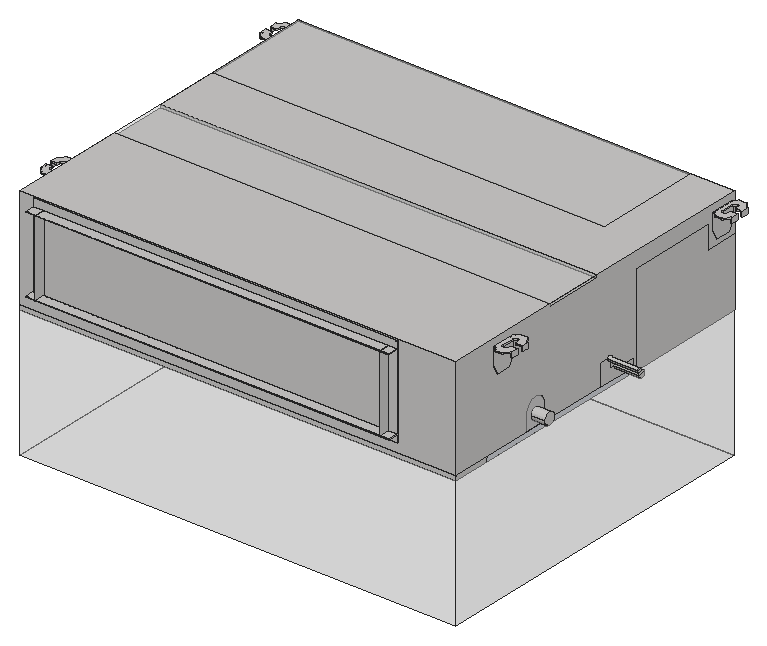
Revit family "outputfile", category 機械設備, Revit 2024
Family settings
  丸型コネクタ寸法 = 半径を使用
  パーツ タイプ = 標準
  OmniClass 番号 = 23.75.10.24.21.27.27
  OmniClass タイトル = Split System Air Conditioning Units
  作業面ベース = いいえ
  常に垂直 = はい
  ロード時にボイドで切り取り = いいえ
  注釈の向きを維持 = いいえ
  共有 = いいえ
  部屋計算ポイント = はい
Parameters (values of type "FXDBQ80AVMS")
  Description = ""
  書き出し IFC クラス(タイプ) = "IfcUnitaryEquipmentType"
  定義済み IFC タイプ(タイプ) = "AIRCONDITIONINGUNIT"
  Cost = 0
  Type Comments = ""
  Keynote = ""
  Type Image = (empty or 0)
  Assembly Code = ""
  lh_liquidpipe = [h***] + 60.0 mm  # 60.0 mm
  lh_RA [instance] = if(Rear Connection_Return Air, 125.25 mm + [h***], 245.0 mm + [h***])  # 125.25 mm
  ld_RA_length [instance] = if(Rear Connection_Return Air, 245.0 mm, 126.0 mm)  # 245.0 mm
  l_liquidpipe_length [instance] = 571.0 mm
  l_gaspipe_length [instance] = 558.0 mm
  l_drainpipe_length [instance] = 533.0 mm
  angle_vertica [instance] = 90.00°
  angle horizontal [instance] = if(Right Connection_refrigerant, 180.00°, 0.00°)  # 180.00°
  URL = ""
  Right Connection_refrigerant [instance] = yes
  製造元 = "Daikin"
  モデル = "FXDBQ80AVMS"
  w_pipe = 33.0 mm
  r_Liquid Pipe Size = Liquid Pipe Size / 2  # 4.75 mm
  r_Gas Pipe Size = Gas Pipe Size / 2  # 7.95 mm
  r_Drain Pipe Size = Drain Pipe Size / 2  # 12.5 mm
  lw_powersupply = 454.0 mm
  lw_ductflange2 = 902.0 mm
  lw_Width = 835.0 mm
  lh_suctionflange [instance] = 125.25 mm
  ld_suctionflange [instance] = if(Rear Connection_Return Air, 190.0 mm, 100.0 mm)  # 190.0 mm
  ld_powersupply = 60.0 mm
  angle_vertical_RA [instance] = if(Rear Connection_Return Air, 90.00°, 0.00°)  # 90.00°
  angle horizontal_RA [instance] = if(Rear Connection_Return Air, 180.00°, 270.00°)  # 180.00°
  Voltage_comment_50Hz = "220-240"
  Voltage_50Hz = 230 V
  Supply Air Direction [instance] = yes
  Sound Power Level_H speed (dB) = 0
  Rear Connection_Return Air [instance] = not(Bottom Connection_Return Air)  # yes
  RA_length [instance] = 245.0 mm  # constant formula
  Phase_50Hz = 1
  Minimum External Static Pressure = 15.00 Pa
  Minimum Circuit Amps_50Hz = 1.8 A
  Maximum Fuse Amps_50Hz = 16.0 A
  Maximum External Static Pressure = 50.00 Pa
  Material_Casing = DAIKIN_GalvanizedSteel_Casing_indoorunit
  lw_liquidpipe = 71.0 mm  # constant formula
  lw_gaspipe = 58.0 mm  # constant formula
  lw_mountinghole_pitch = 1038.0 mm
  lw_mountinghole = 20.0 mm  # constant formula
  lw_drainpipe = 33.0 mm  # constant formula
  lh_powersupply = 10.0 mm
  lh_gaspipe = [h***] + 38.0 mm  # 38.0 mm
  lh_mountinghole = Height - 15.0 mm + [h***]  # 230.0 mm
  lh_drainpipe = 150.0 mm
  lh_antena = 16.0 mm  # constant formula
  ld_liquidpipe = 193.0 mm  # constant formula
  ld_gaspipe = 130.0 mm  # constant formula
  ld_mountinghole_pitch = 630.0 mm  # constant formula
  ld_drainpipe = 280.0 mm
  ld_controlbox = 626.0 mm  # constant formula
  h*** = 0.0 mm  # constant formula
  d_dischargeflange = 25.0 mm  # constant formula
  Width = 1000.0 mm
  Version = "ver.1.0"
  Unit Type = "Bedroom Duct Type"
  Unit Mass Weight = 36.00 kg
  Unit Designation [instance] = ""
  Uniclass2015Version = "Products v1.30"
  Uniclass2015Title = "Variable refrigerant flow units"
  Uniclass2015Code = "Pr_70_65_03_94"
  Total Heating Capacity [instance] = 0.000 kW
  Total Cooling Capacity [instance] = 0.000 kW
  Sound Pressure Level_M speed (dBA) = 0
  Sound Pressure Level_L speed (dBA) = 30
  Sound Pressure Level_H speed (dBA) = 37
  Series = "VRV Fan Coil Unit"
  Sensible Cooling Capacity [instance] = 0.000 kW
  SA Duct Size Width = 790.0 mm
  SA Duct Size Height = 174.0 mm
  Refrigerant Type = "R410A"
  RA Duct Size Width = 862.0 mm
  RA Duct Size Height [instance] = if(Rear Connection_Return Air, 202.6 mm, 204.0 mm)  # 202.6 mm
  Power Input (Heating) = 0.120 kW
  Power Input (Cooling) = 0.120 kW
  Option Accessory 3 [instance] = ""
  Option Accessory 2 [instance] = ""
  Option Accessory 1 [instance] = ""
  Nominal Heating Capacity = 10.000 kW
  Nominal Cooling Capacity = 9.000 kW
  Minimum Airflow = 960.00 m³/h
  Median Airflow = 1200.00 m³/h
  Maximum Airflow = 1500.00 m³/h
  Load Classification = HVAC
  Liquid Pipe Size = 9.5 mm
  Link_Nested Family [instance] = ""
  Left Connection_refrigerant [instance] = no
  IfcVersion = "0"
  IfcExportType = "AIRCONDITIONINGUNIT"
  IfcExportAs = "IfcUnitaryEquipmentType"
  Height = 245.0 mm
  Heating Entering Wet Bulb Temperature [instance] = 0.00 °C
  Heating Entering Dry Bulb Temperature [instance] = 0.00 °C
  Heating Ambient Wet Bulb Temperature [instance] = 0.00 °C
  Heating Ambient Dry Bulb Temperature [instance] = 0.00 °C
  Heat Exchanger Type = "Cross Fin Coil"
  Gas Pipe Size = 15.9 mm
  Frequency_50Hz = 50 Hz
  Fan Type = "Sirocco Fan"
  Fan Drive = "Direct Drive"
  FCU Tag No. [instance] = ""
  Drain Pipe Size = 25.0 mm
  Design Supply Airflow [instance] = 0.00 m³/h
  Design Return Airflow [instance] = 0.00 m³/h
  Design External Static Pressure [instance] = 0.00 Pa
  Depth = 800.0 mm
  既定の高さ = 0.0 mm
  Cooling Entering Wet Bulb Temperature [instance] = 0.00 °C
  Cooling Entering Dry Bulb Temperature [instance] = 0.00 °C
  Cooling Ambient Wet Bulb Temperature [instance] = 0.00 °C
  Cooling Ambient Dry Bulb Temperature [instance] = 0.00 °C
  Clearance visibility [instance] = yes
  Clearance Top = 0.0 mm
  Clearance Right = 0.0 mm
  Clearance Rear = 0.0 mm
  Clearance Left = 0.0 mm
  Clearance Front = 0.0 mm
  Clearance Bottom = 300.0 mm
  Bottom Connection_Return Air [instance] = no
Reference planes
  plane 1 "Center (Front/Back)": y = 0
  plane 2: z = 0
  plane 3 "Center (Left/Right)": x = 0
  plane 4 "Back": y = 400
  plane 5 "Front": y = -400
  plane 6 "Left": x = -500
  plane 7 "Right": x = 500
  plane 8 "Top": z = 0
  plane 9 "Bottom": z = -245
  plane 10: x = 330
  plane 11: x = -330
  plane 12: z = -235
  plane 13: z = -6
  plane 14: z = -67
  plane 15: z = -185
  plane 16: z = -207
  plane 17: x = -304
  plane 18: x = 304
  plane 19: x = -519
  plane 20: x = 519
  plane 21: x = -539
  plane 22: x = 390
  plane 23: x = 571
  plane 24: x = 558
  plane 25: x = 533
  plane 26: z = -15
  plane 27: z = -95
  plane 28 "Clearance Left": x = -500
  plane 29 "Clearance Right": x = 500
  plane 30 "Clearance Rear": y = 400
  plane 31 "Clearance Front": y = -400
  plane 32 "Clearance Top": z = 0
  plane 33 "Clearance Bottom": z = -545
  plane 34: z = -21
  plane 35: z = -206
  plane 36: z = -141.5
  plane 37: x = -40
  plane 38: y = 61
  plane 39: y = 39
  plane 40: y = -30
  plane 41: y = -171
  plane 42: z = -97.5
  plane 43: y = -400
  plane 44: x = -499
  plane 45: z = -145
  plane 46: z = -355
  plane 47: y = 210
  plane 48: z = 331
  plane 49: z = -244
  plane 50: y = 210
  plane 51: z = -146
  plane 52: x = 533
  plane 53: x = 495
  plane 54: x = 505
  plane 55: x = 501
  plane 56: x = 401
  plane 57: x = 499.004
  plane 58: x = -499
  plane 59: x = 454
  plane 60: z = -108
  plane 61: z = -234
  plane 62: x = -467
  plane 63: z = -3
  plane 64: x = -49.5
  plane 65: z = -1
  plane 66: y = 155
  plane 67: x = -50
  plane 68: y = -266
  plane 69: y = 364
  plane 70: z = -15
  plane 71: z = -185
  plane 72: z = -207
  plane 73: x = -533
  plane 74: x = -501
  plane 75: x = -571
  plane 76: x = -558
  plane 77: y = 280.25
  plane 78: z = 125.25
  plane 79: y = 117.5
  plane 80: z = -36.4
  plane 81: y = 399
Forms (mm)
  Extrusion 1, solid
    sketch origin (0, 0, 0) x (1, 0, 0) y (0, 0, 1)
      loop
        line (-500, -235) -> (-500, -245) -> (500, -245) -> (500, -235) -> (-500, -235)
    from -116.5 to 310
  Extrusion 2, solid, material "DAIKIN_GalvanizedSteel_Casing_indoorunit" <- "Material_Casing"
    sketch origin (0, 0, 0) x (1, 0, 0) y (0, 1, 0)
      loop
        line (-500, -400) -> (500, -400) -> (500, 400) -> (-500, 400) -> (-500, -400)
    from -245 to 0
  Extrusion 3, void
    sketch origin (0, 0, 1) x (1, 0, 0) y (0, 1, 0)
      loop
        line (-500, -128.821) -> (500, -128.821) -> (500, 4.179) -> (-500, 4.179) -> (-500, -128.821)
    from -1 to -7
  Revolve 4, solid, material "DAIKIN_GalvanizedSteel_Casing_indoorunit" <- "Material_Casing"
    sketch origin (0, 0, -207) x (0, -1, 0) y (1, 0, 0)
      loop
        line (-68.95, 501) -> (-61, 501) -> (-61, 558) -> (-68.95, 558) -> (-68.95, 501)
      axis (-61, 501) -> (-61, 558)
    angle from 0 to 360
  Revolve 5, solid, material "DAIKIN_GalvanizedSteel_Casing_indoorunit" <- "Material_Casing"
    sketch origin (0, 0, -185) x (0, -1, 0) y (1, 0, 0)
      loop
        line (-39, 501) -> (-39, 571) -> (-43.75, 571) -> (-43.75, 501) -> (-39, 501)
      axis (-39, 571) -> (-39, 501)
    angle from 0 to 360
  Extrusion 6, solid, material "DAIKIN_GalvanizedSteel_Casing_indoorunit" <- "Material_Casing"
    sketch origin (0, 0, 0) x (0, 1, 0) y (0, 0, 1)
      loop
        circle (-171, -206) r 13
    from 533 to 499.004
  Extrusion 7, solid, material "DAIKIN_GalvanizedSteel_Casing_indoorunit" <- "Material_Casing"
    sketch origin (0, 0, 0) x (1, 0, 0) y (0, 0, 1)
      loop
        line (-500, -235) -> (-500, -245) -> (500, -245) -> (500, -235) -> (-500, -235)
    from -116.5 to 400
  Extrusion 8, void
    sketch origin (0, 0, 0) x (1, 0, 0) y (0, 0, 1)
      loop
        line (401, 0) -> (-499, 0) -> (-499, -1) -> (401, -1) -> (401, 0)
    from -400 to -152.5
  Extrusion 9, solid, material "DAIKIN_GalvanizedSteel_Casing_indoorunit" <- "Material_Casing", visible <- "Rear Connection_Return Air"
    sketch origin (0, 0, 0) x (1, 0, 0) y (0, 1, 0)
      loop
        line (-499, 400) -> (-499, 152.5) -> (401, 152.5) -> (401, 400) -> (-499, 400)
    from -245 to -244
  Extrusion 10, solid, material "DAIKIN_GalvanizedSteel_Casing_indoorunit" <- "Material_Casing", visible <- "Bottom Connection_Return Air"
    sketch origin (0, 0, 0) x (1, 0, 0) y (0, 0, 1)
      loop
        line (401, -1) -> (-499, -1) -> (-499, -245) -> (401, -245) -> (401, -1)
    from -400 to -399
  Extrusion 11, void
    sketch origin (0, 0, 0) x (0, 1, 0) y (0, 0, 1)
      loop
        arc (-143.5, -198.721) -> (-171, -171.221) -> (-198.5, -198.721) r 27.5
        line (-198.5, -198.721) -> (-198.5, -235) -> (-143.5, -235) -> (-143.5, -198.721)
    from 499.004 to 500
  Extrusion 12, solid, material "DAIKIN_GalvanizedSteel_Casing_indoorunit" <- "Material_Casing"
    sketch origin (0, 0, 0) x (0, 1, 0) y (0, 0, 1)
      loop
        line (35.8, -185) -> (16.8, -185) -> (16.8, -235) -> (107.3, -235) -> (107.3, -217) -> (67.3, -217) -> (67.3, -207)
        arc (67.3, -207) -> (60.975, -213.325) -> (54.65, -207) r 6.325
        line (54.65, -207) -> (42.2, -207) -> (42.2, -185)
        arc (42.2, -185) -> (39, -188.2) -> (35.8, -185) r 3.2
    from 500 to 501
  Extrusion 13, void
    sketch origin (0, 0, 0) x (0, 1, 0) y (0, 0, -1)
      loop
        line (-143.5, 198.721) -> (-143.5, 235) -> (-198.5, 235) -> (-198.5, 198.721)
        arc (-198.5, 198.721) -> (-171, 171.221) -> (-143.5, 198.721) r 27.5
    from 499 to 500
  Extrusion 14, solid, material "DAIKIN_GalvanizedSteel_Casing_indoorunit" <- "Material_Casing"
    sketch origin (0, 0, 0) x (0, 1, 0) y (0, 0, -1)
      loop
        circle (-171, 206) r 13
    from 533 to 499
  Extrusion 15, solid, material "DAIKIN_GalvanizedSteel_Casing_indoorunit" <- "Material_Casing"
    sketch origin (0, 0, 0) x (0, 1, 0) y (0, 0, -1)
      loop
        arc (35.8, 185) -> (39, 188.2) -> (42.2, 185) r 3.2
        line (42.2, 185) -> (42.2, 207) -> (54.65, 207)
        arc (54.65, 207) -> (60.975, 213.325) -> (67.3, 207) r 6.325
        line (67.3, 207) -> (67.3, 217) -> (107.3, 217) -> (107.3, 235) -> (16.8, 235) -> (16.8, 185) -> (35.8, 185)
    from 500 to 501
  Revolve 16, solid, material "DAIKIN_GalvanizedSteel_Casing_indoorunit" <- "Material_Casing"
    sketch origin (0, 0, -185) x (0, -1, 0) y (1, 0, 0)
      loop
        line (-39, -501) -> (-43.75, -501) -> (-43.75, -571) -> (-39, -571) -> (-39, -501)
      axis (-39, -571) -> (-39, -501)
    angle from 0 to 360
  Revolve 17, solid, material "DAIKIN_GalvanizedSteel_Casing_indoorunit" <- "Material_Casing"
    sketch origin (0, 0, -207) x (0, -1, 0) y (1, 0, 0)
      loop
        line (-68.95, -501) -> (-68.95, -558) -> (-61, -558) -> (-61, -501) -> (-68.95, -501)
      axis (-61, -501) -> (-61, -558)
    angle from 0 to 360
  Extrusion 18, solid, material "DAIKIN_GalvanizedSteel_Casing_indoorunit" <- "Material_Casing"
    sketch origin (0, 0, 0) x (0, 1, 0) y (0, 0, 1)
      loop
        line (117.5, -36.4) -> (117.5, -245) -> (400, -245) -> (400, -88) -> (322.4, -88) -> (322.4, -36.4) -> (117.5, -36.4)
    from 501 to 500
Cuts and joins
  Extrusion 3, Extrusion 8, Extrusion 11, Extrusion 13 cuts Extrusion 2
  Extrusion 8, Extrusion 11, Extrusion 13 cuts Extrusion 7
Dimensions and locks
  "lh_powersupply": plane 12 to plane 9 "Bottom"
  locked: plane 8 "Top" to plane 13 at 6
  "Height": plane 8 "Top" to plane 9 "Bottom"
  equal spacing: plane 17, plane 3 "Center (Left/Right)", plane 18, locked at 304 each
  locked: plane 17 to plane 18 at 608
  equal spacing: plane 19, plane 3 "Center (Left/Right)", plane 20
  "lw_mountinghole_pitch": plane 19 to plane 20
  locked: plane 14 to plane 9 "Bottom" at 178
  "lw_mountinghole": plane 21 to plane 19
  locked: plane 15 to plane 9 "Bottom" at 60
  "lh_gaspipe": plane 16 to plane 9 "Bottom"
  "lh_mountinghole": plane 26 to plane 9 "Bottom"
  equal spacing: plane 6 "Left", plane 3 "Center (Left/Right)", plane 7 "Right"
  "Width": plane 6 "Left" to plane 7 "Right"
  "lh_drainpipe": plane 27 to plane 9 "Bottom"
  "Clearance Right": plane 7 "Right" to plane 29 "Clearance Right"
  "Clearance Left": plane 28 "Clearance Left" to plane 6 "Left"
  "lw_gaspipe": plane 7 "Right" to plane 24
  "lw_liquidpipe": plane 7 "Right" to plane 23
  "lw_drainpipe": plane 7 "Right" to plane 25
  "Clearance Rear": plane 30 "Clearance Rear" to plane 4 "Back"
  "Clearance Front": plane 5 "Front" to plane 31 "Clearance Front"
  "Clearance Top": plane 32 "Clearance Top" to plane 8 "Top"
  "Clearance Bottom": plane 9 "Bottom" to plane 33 "Clearance Bottom"
  locked: plane 8 "Top" to plane 34 at 21
  locked: plane 8 "Top" to plane 35 at 206
  locked: plane 36 to plane 9 "Bottom" at 103.5
  locked: plane 34 to plane 42 at 76.5
  locked: plane 44 to plane 6 "Left" at 1
  locked: plane 12 to plane 45 at 90
  locked: plane 46 to plane 33 "Clearance Bottom" at 190
  plane 48 to plane 26 = 346.0 mm
  locked: plane 49 to plane 9 "Bottom" at 1
  "ld_suctionflange": plane 4 "Back" to plane 50
  locked: plane 51 to plane 9 "Bottom" at 99
  locked: plane 7 "Right" to plane 52 at 33
  locked: plane 53 to plane 7 "Right" at 5
  locked: plane 7 "Right" to plane 54 at 5
  locked: plane 7 "Right" to plane 55 at 1
  plane 7 "Right" to plane 56 = 99.0 mm
  locked: plane 7 "Right" to plane 57 at 0.996
  locked: plane 58 to plane 6 "Left" at 1
  "lw_powersupply": plane 3 "Center (Left/Right)" to plane 59
  locked: plane 61 to plane 9 "Bottom" at 11
  locked: plane 6 "Left" to plane 62 at 33
  locked: plane 8 "Top" to plane 63 at 3
  locked: plane 8 "Top" to plane 65 at 1
  plane 66 to plane 4 "Back" = 245.0 mm
  "ld_mountinghole_pitch": plane 69 to plane 68
  locked: plane 8 "Top" to plane 70 at 15
  "Depth": plane 4 "Back" to plane 43
  equal spacing: plane 4 "Back", plane 1 "Center (Front/Back)", plane 43, locked at 400 each
  locked: plane 31 "Clearance Front" to plane 41 at 229
  locked: plane 31 "Clearance Front" to plane 39 at 439
  locked: plane 39 to plane 38 at 22
  locked: plane 8 "Top" to plane 71 at 185
  locked: plane 71 to plane 72 at 22
  locked: plane 60 to plane 9 "Bottom" at 137
  plane 72 to plane 9 "Bottom" = 38.0 mm
  locked: plane 73 to plane 6 "Left" at 33
  locked: plane 74 to plane 6 "Left" at 1
  locked: plane 75 to plane 6 "Left" at 71
  locked: plane 76 to plane 6 "Left" at 58
  "r_Liquid Pipe Size": Revolve 5 sketch curve to Revolve 5 sketch curve
  "r_Gas Pipe Size": Revolve 4 sketch curve to Revolve 4 sketch curve
  "lh_suctionflange": plane 78 to level
  "r_Liquid Pipe Size": Revolve 16 sketch curve to Revolve 16 sketch curve
  "r_Gas Pipe Size": Revolve 17 sketch curve to Revolve 17 sketch curve
  locked: plane 68 to plane 43 at 134
  "ld_RA_length": plane 30 "Clearance Rear" to plane 66
  locked: plane 30 "Clearance Rear" to Extrusion 9 sketch curve at 247.5
  locked: plane 79 to plane 30 "Clearance Rear" at 282.5
  locked: plane 80 to plane 9 "Bottom" at 208.6
  locked: Extrusion 18 sketch curve to Extrusion 18 sketch curve at 51.6
  locked: Extrusion 18 sketch curve to nested 8 at 77.6
  locked: plane 4 "Back" to plane 81 at 1
  aligned and locked: level to plane 2
  aligned and locked: Extrusion 2 to plane 9 "Bottom"
  aligned and locked: plane 8 "Top" to Extrusion 2
  aligned and locked: Revolve 4 sketch curve to Revolve 4 sketch curve
  aligned and locked: plane 20 to nested 2
  aligned and locked: plane 19 to nested 3
  aligned and locked: plane 19 to nested 4
  aligned and locked: nested 7 to plane 12
  aligned and locked: Extrusion 7 to plane 9 "Bottom"
  aligned and locked: Extrusion 6 sketch curve to plane 41
  aligned and locked: plane 4 "Back" to Extrusion 8
  aligned and locked: plane 8 "Top" to Extrusion 3
  aligned and locked: plane 9 "Bottom" to Extrusion 9  (x2)
  aligned and locked: Extrusion 9 to plane 49
  aligned and locked: Extrusion 8 to level
  aligned and locked: plane 30 "Clearance Rear" to nested 8
  aligned and locked: plane 29 "Clearance Right" to nested 8
  aligned and locked: plane 28 "Clearance Left" to nested 8
  aligned and locked: nested 8 to plane 32 "Clearance Top"
  aligned and locked: nested 8 to plane 33 "Clearance Bottom"
  aligned and locked: Extrusion 3 to plane 13
  aligned and locked: plane 7 "Right" to cut or joined group of Extrusion 2, Extrusion 3, Extrusion 8, Extrusion 11, Extrusion 13  (x2)
  aligned and locked: plane 52 to Extrusion 6
  aligned and locked: plane 56 to Extrusion 8 sketch curve
  aligned and locked: Extrusion 9 to plane 56
  aligned and locked: cut or joined group of Extrusion 2, Extrusion 3, Extrusion 8, Extrusion 11, Extrusion 13 to plane 43
  aligned and locked: nested 7 to plane 59
  aligned and locked: nested 6 to plane 1 "Center (Front/Back)"
  aligned and locked: plane 3 "Center (Left/Right)" to nested 6
  aligned and locked: plane 60 to nested 5  (x2)
  aligned and locked: nested 10 to plane 62
  aligned and locked: nested 10 to plane 63
  aligned and locked: plane 64 to nested 5
  aligned and locked: nested 11 to plane 58
  aligned and locked: plane 4 "Back" to nested 11
  aligned and locked: plane 65 to nested 11
  aligned and locked: plane 4 "Back" to Extrusion 10
  aligned and locked: plane 65 to Extrusion 10
  aligned and locked: Extrusion 10 to plane 9 "Bottom"
  aligned and locked: Extrusion 10 to plane 56
  aligned and locked: plane 4 "Back" to nested 7
  aligned and locked: nested 13 to plane 68
  aligned and locked: plane 6 "Left" to nested 13
  aligned and locked: plane 68 to nested 12
  aligned and locked: nested 12 to plane 7 "Right"
  aligned and locked: nested 15 to plane 69
  aligned and locked: plane 6 "Left" to nested 15
  aligned and locked: plane 69 to nested 14
  aligned and locked: nested 14 to plane 7 "Right"
  aligned and locked: plane 70 to nested 13
  aligned and locked: plane 70 to nested 15
  aligned and locked: plane 20 to nested 1
  aligned and locked: nested 1 to plane 69
  aligned and locked: nested 4 to plane 69
  aligned and locked: nested 3 to plane 68
  aligned and locked: nested 2 to plane 68
  aligned and locked: cut or joined group of Extrusion 2, Extrusion 3, Extrusion 8, Extrusion 11, Extrusion 13 to plane 57
  aligned and locked: Extrusion 6 to plane 57
  aligned and locked: nested 5 to plane 64
  aligned and locked: nested 5 to plane 43
  aligned and locked: cut or joined group of Extrusion 7, Extrusion 8, Extrusion 11, Extrusion 13 to plane 43
  aligned and locked: plane 7 "Right" to Extrusion 12
  aligned and locked: plane 55 to Extrusion 12
  aligned and locked: plane 71 to Revolve 5
  aligned and locked: plane 72 to Revolve 4
  aligned and locked: plane 72 to Extrusion 12
  aligned and locked: Extrusion 12 to plane 12
  aligned and locked: plane 71 to Extrusion 12
  aligned and locked: cut or joined group of Extrusion 2, Extrusion 3, Extrusion 8, Extrusion 11, Extrusion 13 to plane 6 "Left"  (x2)
  aligned and locked: plane 58 to cut or joined group of Extrusion 2, Extrusion 3, Extrusion 8, Extrusion 11, Extrusion 13
  aligned and locked: plane 58 to Extrusion 14
  aligned and locked: Extrusion 14 to plane 73
  aligned and locked: plane 6 "Left" to Extrusion 15
  aligned and locked: Extrusion 15 to plane 74
  aligned and locked: Revolve 16 to plane 74
  aligned and locked: Revolve 16 to plane 75
  aligned and locked: Revolve 17 sketch curve to Revolve 17 sketch curve
  aligned and locked: Revolve 17 to plane 74
  aligned and locked: Revolve 17 to plane 76
  aligned and locked: nested 16 to plane 39
  aligned and locked: nested 17 to plane 38
  aligned and locked: nested 17 to plane 3 "Center (Left/Right)"
  aligned and locked: plane 71 to Revolve 16
  aligned and locked: plane 72 to Revolve 17
  aligned and locked: plane 43 to nested 10
  aligned and locked: nested 8 to plane 43
  aligned and locked: nested 18 to plane 41
  aligned and locked: plane 3 "Center (Left/Right)" to nested 18
  aligned and locked: plane 35 to nested 18
  aligned and locked: nested 9 to plane 67  (x2)
  aligned and locked: nested 12 to plane 70
  aligned and locked: nested 14 to plane 70
  aligned and locked: nested 9 to plane 66
  aligned and locked: plane 29 "Clearance Right" to Extrusion 18
  aligned and locked: plane 55 to Extrusion 18
  aligned and locked: plane 80 to Extrusion 18
  aligned and locked: plane 79 to Extrusion 18
  aligned and locked: nested 19 to plane 9 "Bottom"
  aligned and locked: nested 19 to plane 56
  aligned and locked: nested 19 to plane 81
  aligned and locked: level to plane 8 "Top"
Automatic sketch dimensions
  Extrusion 1 sketch curve to plane 6 "Left" = 0.0 mm
  Extrusion 1 sketch curve to plane 7 "Right" = 0.0 mm
  Extrusion 1 sketch curve to plane 9 "Bottom" = 0.0 mm
  Extrusion 1 sketch curve to plane 12 = 0.0 mm
  Extrusion 2 sketch curve to plane 4 "Back" = 0.0 mm
  Extrusion 2 sketch curve to plane 6 "Left" = 0.0 mm
  Extrusion 2 sketch curve to plane 7 "Right" = 0.0 mm
  Extrusion 2 sketch curve to plane 43 = 0.0 mm
  Extrusion 3 sketch curve to plane 6 "Left" = 0.0 mm
  Extrusion 3 sketch curve to plane 7 "Right" = 0.0 mm
  plane 41 to Extrusion 3 sketch curve = 42.179 mm
  Extrusion 3 sketch curve to plane 1 "Center (Front/Back)" = 4.179 mm
  Revolve 4 sketch curve to plane 24 = 0.0 mm
  Revolve 4 sketch curve to plane 38 = 0.0 mm
  Revolve 4 sketch curve to plane 55 = 0.0 mm
  plane 55 to Revolve 4 sketch curve = 1.003 mm
  plane 24 to Revolve 4 sketch curve = 1.003 mm
  Revolve 5 sketch curve to plane 39 = 0.0 mm  (x2)
  Revolve 5 sketch curve to plane 23 = 0.0 mm  (x2)
  Revolve 5 sketch curve to plane 55 = 0.0 mm  (x2)
  Extrusion 6 sketch curve to plane 35 = 0.0 mm
  Extrusion 7 sketch curve to plane 6 "Left" = 0.0 mm
  Extrusion 7 sketch curve to plane 7 "Right" = 0.0 mm
  Extrusion 7 sketch curve to plane 9 "Bottom" = 0.0 mm
  Extrusion 7 sketch curve to plane 12 = 0.0 mm
  Extrusion 9 sketch curve to plane 44 = 0.0 mm
  Extrusion 9 sketch curve to plane 4 "Back" = 0.0 mm
  Extrusion 9 sketch curve to plane 56 = 0.0 mm
  Extrusion 10 sketch curve to plane 44 = 0.0 mm
  Extrusion 10 sketch curve to plane 9 "Bottom" = 0.0 mm
  Extrusion 10 sketch curve to plane 56 = 0.0 mm
  Extrusion 10 sketch curve to plane 65 = 0.0 mm
  Extrusion 11 sketch curve to plane 12 = 0.0 mm
  Extrusion 11 sketch curve to plane 41 = 0.0 mm
  Extrusion 11 sketch curve to plane 41 = 27.5 mm
  plane 35 to Extrusion 11 sketch curve = 7.279 mm
  Extrusion 12 sketch curve to plane 15 = 0.0 mm
  Extrusion 12 sketch curve to plane 12 = 0.0 mm
  Extrusion 12 sketch curve to plane 39 = 0.0 mm
  Extrusion 12 sketch curve to plane 72 = 0.0 mm
  Extrusion 12 sketch curve to Extrusion 12 sketch curve = 3.2 mm
  Extrusion 12 sketch curve to plane 1 "Center (Front/Back)" = 16.8 mm
  Extrusion 12 sketch curve to plane 38 = 6.35 mm
  Extrusion 12 sketch curve to plane 38 = 0.025 mm
  Extrusion 12 sketch curve to Extrusion 12 sketch curve = 40.0 mm
  Extrusion 12 sketch curve to Extrusion 12 sketch curve = 10.0 mm
  Extrusion 13 sketch curve to plane 12 = 0.0 mm
  Extrusion 13 sketch curve to plane 41 = 0.0 mm
  Extrusion 13 sketch curve to plane 41 = 27.5 mm
  plane 35 to Extrusion 13 sketch curve = 7.279 mm
  Extrusion 14 sketch curve to plane 35 = 0.0 mm
  Extrusion 14 sketch curve to plane 41 = 0.0 mm
  Extrusion 15 sketch curve to plane 15 = 0.0 mm
  Extrusion 15 sketch curve to plane 12 = 0.0 mm
  Extrusion 15 sketch curve to plane 39 = 0.0 mm
  Extrusion 15 sketch curve to plane 72 = 0.0 mm
  Extrusion 15 sketch curve to Extrusion 15 sketch curve = 3.2 mm
  Extrusion 15 sketch curve to plane 1 "Center (Front/Back)" = 16.8 mm
  Extrusion 15 sketch curve to plane 38 = 6.35 mm
  Extrusion 15 sketch curve to plane 38 = 0.025 mm
  Extrusion 15 sketch curve to Extrusion 15 sketch curve = 40.0 mm
  Extrusion 15 sketch curve to Extrusion 15 sketch curve = 10.0 mm
  Revolve 16 sketch curve to plane 74 = 0.0 mm  (x2)
  Revolve 16 sketch curve to plane 75 = 0.0 mm  (x2)
  Revolve 16 sketch curve to plane 39 = 0.0 mm  (x2)
  Revolve 17 sketch curve to plane 74 = 0.0 mm
  Revolve 17 sketch curve to plane 38 = 0.0 mm
  plane 75 to Revolve 17 sketch curve = 13.0 mm
  Revolve 17 sketch curve to plane 74 = 1.003 mm
  Revolve 17 sketch curve to Revolve 17 sketch curve = 1.003 mm
  Extrusion 8 sketch curve to plane 44 = 0.0 mm
  Extrusion 8 sketch curve to level = 0.0 mm
  Extrusion 8 sketch curve to plane 65 = 0.0 mm
  Extrusion 18 sketch curve to plane 9 "Bottom" = 0.0 mm
  Extrusion 18 sketch curve to plane 79 = 0.0 mm
  Extrusion 18 sketch curve to plane 80 = 0.0 mm
  Extrusion 18 sketch curve to plane 4 "Back" = 0.0 mm
  radius of Extrusion 6 sketch curve = 13.0 mm
  radius of Extrusion 14 sketch curve = 13.0 mm
Nested families
  nested 1: "daikin_mountinghole" at (519, 364, -245), l_antenna <- "lh_antena", Link_Nested Family <- "Link_Nested Family", h_mountinghole <- "lh_mountinghole", type "daikin_mountinghole"
    with show yes, l_antenna 16.0 mm, h_mountinghole 230.0 mm, Link_Nested Family ""
  nested 2: "daikin_mountinghole" at (519, -266, -245), Link_Nested Family <- "Link_Nested Family", l_antenna <- "lh_antena", h_mountinghole <- "lh_mountinghole", type "daikin_mountinghole"
    with show yes, l_antenna 16.0 mm, h_mountinghole 230.0 mm, Link_Nested Family ""
  nested 3: "daikin_mountinghole" at (-519, -266, -245), l_antenna <- "lh_antena", Link_Nested Family <- "Link_Nested Family", h_mountinghole <- "lh_mountinghole", type "daikin_mountinghole"
    with show yes, l_antenna 16.0 mm, h_mountinghole 230.0 mm, Link_Nested Family ""
  nested 4: "daikin_mountinghole" at (-519, 364, -245), l_antenna <- "lh_antena", Link_Nested Family <- "Link_Nested Family", h_mountinghole <- "lh_mountinghole", type "daikin_mountinghole"
    with show yes, l_antenna 16.0 mm, h_mountinghole 230.0 mm, Link_Nested Family ""
  nested 5: "daikin_connector_rotate2" at (-49.5, -400, -108), length <- "d_dischargeflange", type "daikin_connector_rotate2"
    with radius 10.0 mm, length 25.0 mm, angle_vertical 90.00°, show_face no
  nested 6: "daikin_△_symbolicline" at (-75, -129.904, 245) x (-0.5, 0.866, 0) z (0, 0, 1), built-in parameter 1001364 <- "Height", visible <- "Supply Air Direction", type "daikin_△_symbolicline"
    with length 300.0 mm
  nested 7: "daikin_connector_rotate2" at (454, 340, -235) x (-1, 0, 0) z (0, 0, 1), built-in parameter 1001364 <- "lw_powersupply", length <- "ld_powersupply", type "daikin_connector_rotate2"
    with radius 10.0 mm, length 60.0 mm, angle_vertical 90.00°, show_face no
  nested 8: "daikin_clearancespace" at (0, 0, -272.381), visible <- "Clearance visibility", show <- "Clearance visibility", Link_Nested Family <- "Link_Nested Family", type "daikin_clearancespace"
    with width 1000.0 mm, show yes, height 545.0 mm, depth 800.0 mm, Link_Nested Family ""
  nested 9: "daikin_connector_rotate3" at (-50, 155, -119.75), angle_vertical <- "angle_vertical_RA", angle_horizontal <- "angle horizontal_RA", length <- "RA_length", built-in parameter 1001364 <- "lh_RA", type "daikin_connector_rotate3"
    with show no, radius 10.0 mm, length 245.0 mm, angle_vertical 90.00°, angle_horizontal 180.00°
  nested 10: "daikin_ductflange_FXDBQ-AVMS" at (-49.5, -86.5, -385.201), width <- "lw_Width", material <- "Material_Casing", type "daikin_ductflange_FXDBQ-AVMS"
    with width 835.0 mm, material DAIKIN_GalvanizedSteel_Casing_indoorunit, height 176.0 mm, depth 25.0 mm
  nested 11: "daikin_ductflange_FXDBQ-AVMS2" at (-49, 400, -119.75), material <- "Material_Casing", visible <- "Rear Connection_Return Air", width <- "lw_ductflange2", rear <- "Rear Connection_Return Air", bottom <- "Bottom Connection_Return Air", type "daikin_ductflange_FXDBQ-AVMS2"
    with width 902.0 mm, rear yes, material DAIKIN_GalvanizedSteel_Casing_indoorunit, height 245.0 mm, depth 1.0 mm, bottom no, H2 18.5 mm, H1 202.5 mm
  nested 12: "daikin_hangerfixture_FXDBQ-AVMS" at (500, -266, -15) x (0, 1, 0) z (0, 0, 1), type "daikin_hangerfixture_FXDBQ-AVMS"
  nested 13: "daikin_hangerfixture_FXDBQ-AVMS" at (-500, -266, -15) x (0, -1, 0) z (0, 0, 1), type "daikin_hangerfixture_FXDBQ-AVMS"
  nested 14: "daikin_hangerfixture_FXDBQ-AVMS" at (500, 364, -15) x (0, 1, 0) z (0, 0, 1), type "daikin_hangerfixture_FXDBQ-AVMS"
  nested 15: "daikin_hangerfixture_FXDBQ-AVMS" at (-500, 364, -15) x (0, -1, 0) z (0, 0, 1), type "daikin_hangerfixture_FXDBQ-AVMS"
  nested 16: "daikin_connector_rotate3" at (0, 39, -185) x (0, -1, 0) z (0, 0, 1), radius <- "r_Liquid Pipe Size", angle_vertical <- "angle_vertica", length <- "l_liquidpipe_length", angle_horizontal <- "angle horizontal", type "daikin_connector_rotate3"
    with show no, radius 4.75 mm, length 571.0 mm, angle_vertical 90.00°, angle_horizontal 180.00°
  nested 17: "daikin_connector_rotate3" at (0, 61, -207) x (0, -1, 0) z (0, 0, 1), angle_vertical <- "angle_vertica", angle_horizontal <- "angle horizontal", length <- "l_gaspipe_length", radius <- "r_Gas Pipe Size", built-in parameter 1001364 <- "lh_gaspipe", type "daikin_connector_rotate3"
    with show no, radius 7.95 mm, length 558.0 mm, angle_vertical 90.00°, angle_horizontal 180.00°
  nested 18: "daikin_connector_rotate3" at (0, -171, -206) x (0, -1, 0) z (0, 0, 1), angle_vertical <- "angle_vertica", angle_horizontal <- "angle horizontal", length <- "l_drainpipe_length", radius <- "r_Drain Pipe Size", type "daikin_connector_rotate3"
    with show no, radius 12.5 mm, length 533.0 mm, angle_vertical 90.00°, angle_horizontal 180.00°
  nested 19: "daikin_ductflange_FXDBQ-AVMS2" at (-49, 274.75, -244) x (1, 0, 0) z (0, -1, 0), width <- "lw_ductflange2", material <- "Material_Casing", visible <- "Bottom Connection_Return Air", rear <- "Rear Connection_Return Air", bottom <- "Bottom Connection_Return Air", type "daikin_ductflange_FXDBQ-AVMS2"
    with width 902.0 mm, rear yes, material DAIKIN_GalvanizedSteel_Casing_indoorunit, height 245.0 mm, depth 1.0 mm, bottom no, H2 18.5 mm, H1 202.5 mm
Connectors
  hvac at (-49.5, -425, -108), driven by "SA Duct Size Height", driven by "SA Duct Size Width"
    settings: on nested 5, index 7, duct flow 0.00 m³/h, flow factor 0, pres drop 0.00 Pa, loss coef 0, conn angle 0.00°, conn width 790.0 mm, conn height 174.0 mm, conn diameter 609.6 mm, duct sys type 1, conn prof type 1, flow config 0, flow direction 2, loss method 4, conn ref index -1, conn util no, is conn primary yes, conn desc "SA Duct"
  electrical at (454, 400, -235), driven by "Load Classification"
    settings: on nested 7, index 9, voltage 0 V, apparent load 0 VA, apparent load phase1 0 VA, apparent load phase2 0 VA, apparent load phase3 0 VA, power factor 1, load classification "HVAC", number of poles 1, system type 30, power factor state 1, is connector primary yes, connector utility no, sub classification motor no, connector description "Power Supply"
  hvac at (-50, 400, -119.75), driven by "RA Duct Size Height", driven by "RA Duct Size Width"
    settings: on nested 9, index 10, duct flow 0.00 m³/h, flow factor 0, pres drop 0.00 Pa, loss coef 0, conn angle 0.00°, conn width 862.0 mm, conn height 202.6 mm, conn diameter 609.6 mm, duct sys type 2, conn prof type 1, flow config 0, flow direction 1, loss method 4, conn ref index -1, conn util no, is conn primary no, conn desc "RA Duct"
  piping at (558, 61, -207), diameter 15.9, driven by "r_Gas Pipe Size"
    settings: on nested 17, index 13, connector inside diameter 609.6 mm, connector length 0.0 mm, flow factor 0, pipe flow 0.00 m³/h, pressure drop 0.0 Pa, fitting loss kfactor 0, connector angle 0.00°, fixture units 0, engagement length 0.0 mm, angle of deflection 0.00°, flow configuration 1, flow direction 2, fitting loss method 0, system type 29, joint type 0, gender type 0, connector reference index -1, connector utility 0, adjustable connector no, is connector primary yes, connector description "Refrigerant Gas Piping"
  piping at (571, 39, -185), diameter 9.5, driven by "r_Liquid Pipe Size"
    settings: on nested 16, index 14, connector inside diameter 609.6 mm, connector length 0.0 mm, flow factor 0, pipe flow 0.00 m³/h, pressure drop 0.0 Pa, fitting loss kfactor 0, connector angle 0.00°, fixture units 0, engagement length 0.0 mm, angle of deflection 0.00°, flow configuration 1, flow direction 1, fitting loss method 0, system type 29, joint type 0, gender type 0, connector reference index -1, connector utility 0, adjustable connector no, is connector primary no, connector description "Refrigerant Liquid Piping"
  piping at (533, -171, -206), diameter 25, driven by "r_Drain Pipe Size"
    settings: on nested 18, index 15, connector inside diameter 609.6 mm, connector length 0.0 mm, flow factor 0, pipe flow 0.00 m³/h, pressure drop 0.0 Pa, fitting loss kfactor 0, connector angle 0.00°, fixture units 0, engagement length 0.0 mm, angle of deflection 0.00°, flow configuration 1, flow direction 2, fitting loss method 4, system type 16, joint type 0, gender type 0, connector reference index -1, connector utility 0, adjustable connector no, is connector primary no, connector description "Condensate Drain Piping"
Definition of nested family "daikin_clearancespace"
  Parameters (values of type "daikin_clearancespace")
    width [instance] = 1823.963 mm
    show [instance] = yes
    material = none
    height [instance] = 1359.762 mm
    depth [instance] = 880.0 mm
    Default Elevation = 0.0 mm
    Link_Nested Family [instance] = ""
  Reference planes
    plane 1 "Center (Front/Back)": y = 0
    plane 2 "Center (Elevation)": z = -0.119
    plane 3 "Center (Left/Right)": x = 0
    plane 4: y = 440
    plane 5: y = -440
    plane 6 "Right": x = 911.982
    plane 7 "Left": x = -911.982
    plane 8 "Top": z = 679.762
    plane 9 "Bottom": z = -680
  Forms (mm)
    Extrusion 1, solid, material <- "material", visible <- "show"
      sketch origin (0, 0, 0) x (1, 0, 0) y (0, 1, 0)
        loop
          line (-911.982, 440) -> (-911.982, -440) -> (911.982, -440) -> (911.982, 440) -> (-911.982, 440)
      from -680 to 679.762
  Lines and regions (mm)
    symbolic lines, visible <- "show"
      curve 1: line (911.982, 440, 0) -> (-911.982, 440, 0)
      curve 2: line (-911.982, 440, 0) -> (-911.982, -440, 0)
      curve 3: line (-911.982, -440, 0) -> (911.982, -440, 0)
      curve 4: line (911.982, -440, 0) -> (911.982, 440, 0)
      curve 5: line (911.982, 0, 679.762) -> (-911.982, 0, 679.762)
      curve 6: line (911.982, 0, -680) -> (911.982, 0, 679.762)
      curve 7: line (-911.982, 0, -680) -> (911.982, 0, -680)
      curve 8: line (-911.982, 0, 679.762) -> (-911.982, 0, -680)
      curve 9: line (0, 440, 679.762) -> (0, -440, 679.762)
      curve 10: line (0, -440, 679.762) -> (0, -440, -680)
      curve 11: line (0, 440, -680) -> (0, 440, 679.762)
      curve 12: line (0, -440, -680) -> (0, 440, -680)
  Dimensions and locks
    "width": plane 7 "Left" to plane 6 "Right"
    "depth": plane 4 to plane 5
    "height": plane 8 "Top" to plane 9 "Bottom"
    equal spacing: plane 7 "Left", plane 3 "Center (Left/Right)", plane 6 "Right"
    equal spacing: plane 4, plane 1 "Center (Front/Back)", plane 5
    equal spacing: plane 8 "Top", plane 2 "Center (Elevation)", plane 9 "Bottom"
    aligned and locked: level to plane 2 "Center (Elevation)"
    aligned and locked: Extrusion 1 sketch curve to plane 4
    aligned and locked: plane 7 "Left" to Extrusion 1 sketch curve
    aligned and locked: Extrusion 1 sketch curve to plane 5
    aligned and locked: Extrusion 1 sketch curve to plane 6 "Right"
    aligned and locked: plane 8 "Top" to Extrusion 1
    aligned and locked: curve 1 to Extrusion 1
    aligned and locked: curve 2 to Extrusion 1
    aligned and locked: curve 3 to Extrusion 1
    aligned and locked: curve 4 to Extrusion 1
    aligned and locked: curve 5 to Extrusion 1
    aligned and locked: curve 6 to Extrusion 1
    aligned and locked: curve 7 to Extrusion 1
    aligned and locked: curve 8 to Extrusion 1
    aligned and locked: curve 9 to Extrusion 1
    aligned and locked: curve 10 to Extrusion 1
    aligned and locked: curve 11 to Extrusion 1
    aligned and locked: curve 12 to Extrusion 1
    aligned and locked: Extrusion 1 to plane 9 "Bottom"
Definition of nested family "daikin_ductflange_FXDBQ-AVMS"
  Parameters (values of type "daikin_ductflange_FXDBQ-AVM")
    width [instance] = 535.0 mm
    material [instance] = none
    height [instance] = 176.0 mm
    depth [instance] = 25.0 mm
    Default Elevation = 0.0 mm
  Reference planes
    plane 1 "Center (Front/Back)": y = 0
    plane 2: z = 189.201
    plane 3 "Center (Left/Right)": x = 0
    plane 4: y = -313.5
    plane 5: x = -267.5
    plane 6: x = 267.5
    plane 7: y = -338.5
    plane 8: z = 365.201
    plane 9: z = 277.201
    plane 10: z = 364.201
    plane 11: z = 190.201
  Forms (mm)
    Extrusion 1, solid, material <- "material"
      sketch origin (0, 0, 189.201) x (1, 0, 0) y (0, 1, 0)
        loop
          line (-245, -338.5) -> (-245, -313.5) -> (-267.5, -313.5) -> (-267.5, -314.5) -> (-246, -314.5) -> (-246, -338.5) -> (-245, -338.5)
        loop
          line (245, -338.5) -> (246, -338.5) -> (246, -314.5) -> (267.5, -314.5) -> (267.5, -313.5) -> (245, -313.5) -> (245, -338.5)
      from 1 to 175
    Extrusion 2, solid, material <- "material"
      sketch origin (0, 0, 0) x (0, 1, 0) y (0, 0, 1)
        loop
          line (-338.5, 364.201) -> (-313.5, 364.201) -> (-313.5, 382.201) -> (-314.5, 382.201) -> (-314.5, 365.201) -> (-338.5, 365.201) -> (-338.5, 364.201)
        loop
          line (-313.5, 190.201) -> (-338.5, 190.201) -> (-338.5, 189.201) -> (-314.5, 189.201) -> (-314.5, 172.201) -> (-313.5, 172.201) -> (-313.5, 190.201)
      from -267.5 to 267.5
  Dimensions and locks
    plane 4 to plane 1 "Center (Front/Back)" = 313.5 mm
    "depth": plane 7 to plane 4
    equal spacing: plane 8, plane 9, level
    "height": plane 8 to level
    equal spacing: plane 6, plane 3 "Center (Left/Right)", plane 5
    "width": plane 6 to plane 5
    plane 5 to plane 6 = 535.0 mm
    locked: plane 8 to plane 10 at 1
    locked: plane 11 to level at 1
    locked: Extrusion 1 sketch curve to Extrusion 1 sketch curve at 1
    aligned and locked: level to plane 2
    aligned and locked: Extrusion 2 to plane 5
    aligned and locked: plane 6 to Extrusion 2
    aligned and locked: plane 10 to Extrusion 1
    aligned and locked: Extrusion 1 to plane 5  (x2)
    aligned and locked: plane 6 to Extrusion 1  (x2)
  Automatic sketch dimensions
    Extrusion 1 sketch curve to plane 5 = 0.0 mm
    Extrusion 1 sketch curve to plane 7 = 0.0 mm  (x2)
    Extrusion 1 sketch curve to plane 4 = 0.0 mm  (x2)
    Extrusion 1 sketch curve to plane 6 = 0.0 mm
    plane 5 to Extrusion 1 sketch curve = 21.5 mm
    Extrusion 1 sketch curve to Extrusion 1 sketch curve = 1.0 mm  (x2)
    Extrusion 1 sketch curve to plane 6 = 22.5 mm
    Extrusion 1 sketch curve to plane 4 = 1.0 mm
    Extrusion 2 sketch curve to plane 7 = 0.0 mm  (x2)
    Extrusion 2 sketch curve to level = 0.0 mm
    Extrusion 2 sketch curve to plane 8 = 0.0 mm
    Extrusion 2 sketch curve to plane 4 = 0.0 mm  (x2)
    Extrusion 2 sketch curve to plane 11 = 0.0 mm
    Extrusion 2 sketch curve to plane 10 = 0.0 mm
    Extrusion 2 sketch curve to plane 4 = 1.0 mm
    Extrusion 2 sketch curve to Extrusion 2 sketch curve = 1.0 mm
    Extrusion 2 sketch curve to level = 17.0 mm
    plane 8 to Extrusion 2 sketch curve = 17.0 mm
Definition of nested family "daikin_ductflange_FXDBQ-AVMS2"
  Parameters (values of type "daikin_ductflange_FXDBQ-AVM2")
    width [instance] = 602.0 mm
    material [instance] = none
    height [instance] = 245.0 mm
    depth [instance] = 1.0 mm
    bottom [instance] = no
    rear [instance] = yes
    H2 [instance] = if(rear, 18.5 mm, 20.5 mm)  # 18.5 mm
    H1 [instance] = if(rear, 202.5 mm, 204.0 mm)  # 202.5 mm
    Default Elevation = 0.0 mm
  Reference planes
    plane 1 "Center (Front/Back)": y = 0
    plane 2: z = 0
    plane 3 "Center (Left/Right)": x = 0
    plane 4: y = -1
    plane 5: x = -301
    plane 6: x = 301
    plane 7: z = 101.25
    plane 8: z = -101.25
    plane 9: z = 119.75
    plane 10: z = -125.25
    plane 11: x = -300
    plane 12: x = 300
  Forms (mm)
    Extrusion 1, solid, material <- "material"
      sketch origin (0, 0, 0) x (1, 0, 0) y (0, 0, 1)
        loop
          line (-300, -124.25) -> (300, -124.25) -> (300, 118.75) -> (-300, 118.75) -> (-300, -124.25)
        loop
          line (-282, 101.25) -> (-282, -101.25) -> (280, -101.25) -> (280, 101.25) -> (-282, 101.25)
      from 0 to 1
  Dimensions and locks
    equal spacing: plane 6, plane 3 "Center (Left/Right)", plane 5
    "width": plane 6 to plane 5
    plane 11 to plane 5 = 1.0 mm
    locked: plane 6 to plane 12 at 1
    locked: plane 9 to Extrusion 1 sketch curve at 1
    locked: Extrusion 1 sketch curve to plane 10 at 1
    locked: Extrusion 1 sketch curve to Extrusion 1 sketch curve at 18
    locked: Extrusion 1 sketch curve to Extrusion 1 sketch curve at 20
    "depth": plane 4 to plane 1 "Center (Front/Back)"
    locked: plane 8 to plane 10 at 24
    "H2": plane 9 to plane 7
    equal spacing: plane 7, level, plane 8
    "H1": plane 7 to plane 8
    aligned and locked: level to plane 2
    aligned and locked: Extrusion 1 to plane 4
    aligned and locked: Extrusion 1 sketch curve to plane 7
    aligned and locked: Extrusion 1 sketch curve to plane 8
  Automatic sketch dimensions
    Extrusion 1 sketch curve to plane 11 = 0.0 mm
    Extrusion 1 sketch curve to plane 12 = 0.0 mm
Definition of nested family "daikin_hangerfixture_FXDBQ-AVMS"
  Parameters (values of type "daikin_hangerfixture_FXDBQ-AVM")
    width = 56.0 mm
    material = none
    height = 60.0 mm
    depth = 2.0 mm
    Default Elevation = 0.0 mm
  Reference planes
    plane 1 "Center (Front/Back)": y = 0
    plane 2: z = 0
    plane 3 "Center (Left/Right)": x = 0
    plane 4: y = 417.146
    plane 5: y = -41.3
    plane 6: x = -28
    plane 7: x = 28
    plane 8: z = -2.3
    plane 9: z = -60
    plane 10: y = -2.3
    plane 11: z = -12
    plane 12: y = -39
  Forms (mm)
    Extrusion 1, solid, material <- "material"
      sketch origin (0, 0, 0) x (1, 0, 0) y (0, 0, 1)
        loop
          line (28, -39) -> (28, 0) -> (-28, 0) -> (-28, -39) -> (-16.5, -60) -> (16.5, -60) -> (28, -39)
      from 0 to 2.3
    Extrusion 2, solid, material <- "material"
      sketch origin (0, 0, 0) x (1, 0, 0) y (0, 0, 1)
        loop
          line (-6.5, -9) -> (-6.5, 0) -> (-23, 0) -> (-23, -9)
          arc (-23, -9) -> (-22.121, -11.121) -> (-20, -12) r 3
          line (-20, -12) -> (-9.5, -12)
          arc (-9.5, -12) -> (-7.379, -11.121) -> (-6.5, -9) r 3
        loop
          line (6.5, 0) -> (6.5, -9)
          arc (6.5, -9) -> (7.379, -11.121) -> (9.5, -12) r 3
          line (9.5, -12) -> (20, -12)
          arc (20, -12) -> (22.121, -11.121) -> (23, -9) r 3
          line (23, -9) -> (23, 0) -> (6.5, 0)
      from 39 to 41.3
    Extrusion 3, solid, material <- "material"
      sketch origin (0, 0, 0) x (1, 0, 0) y (0, 1, 0)
        loop
          line (-28, 0) -> (-28, -5.384)
          arc (-28, -5.384) -> (-29.236, -8.31) -> (-31.985, -9.901) r 5
          arc (-31.985, -9.901) -> (-34.858, -11.638) -> (-35.985, -14.8) r 5
          line (-35.985, -14.8) -> (-35.985, -27.18)
          arc (-35.985, -27.18) -> (-35.414, -29.501) -> (-33.831, -31.291) r 5
          line (-33.831, -31.291) -> (-23, -38.79) -> (-23, -41.3) -> (-6.5, -41.3) -> (-6.5, -28.5)
          arc (-6.5, -28.5) -> (-7.379, -26.379) -> (-9.5, -25.5) r 3
          line (-9.5, -25.5) -> (-13.5, -25.5)
          arc (-13.5, -25.5) -> (-20, -19) -> (-13.5, -12.5) r 6.5
          line (-13.5, -12.5) -> (13.5, -12.5)
          arc (13.5, -12.5) -> (20, -19) -> (13.5, -25.5) r 6.5
          line (13.5, -25.5) -> (9.5, -25.5)
          arc (9.5, -25.5) -> (7.379, -26.379) -> (6.5, -28.5) r 3
          line (6.5, -28.5) -> (6.5, -41.3) -> (23, -41.3) -> (23, -38.81) -> (33.861, -31.291)
          arc (33.861, -31.291) -> (35.444, -29.501) -> (36.015, -27.18) r 5
          line (36.015, -27.18) -> (36.015, -14.8)
          arc (36.015, -14.8) -> (34.888, -11.638) -> (32.015, -9.901) r 5
          arc (32.015, -9.901) -> (29.142, -8.164) -> (28.015, -5.002) r 5
          line (28.015, -5.002) -> (28.015, 0) -> (-28, 0)
      from -2.3 to 0
  Cuts and joins
    joined: Extrusion 1, Extrusion 2, Extrusion 3
  Dimensions and locks
    "width": plane 7 to plane 6
    equal spacing: plane 7, plane 3 "Center (Left/Right)", plane 6
    "height": plane 2 to plane 9
    locked: level to plane 11 at 12
    plane 5 to plane 1 "Center (Front/Back)" = 41.3 mm  (x2)
    locked: plane 12 to plane 5 at 2.3
    aligned and locked: level to plane 2
    aligned and locked: Extrusion 1 to plane 9
    aligned and locked: Extrusion 1 to plane 10
    aligned and locked: Extrusion 1 to plane 1 "Center (Front/Back)"
    aligned and locked: Extrusion 2 to plane 11  (x2)
    aligned and locked: plane 12 to Extrusion 2
    aligned and locked: Extrusion 2 to plane 5
    aligned and locked: Extrusion 3 to plane 8
  Automatic sketch dimensions
    Extrusion 2 sketch curve to level = 0.0 mm  (x2)
    Extrusion 2 sketch curve to plane 11 = 0.0 mm  (x2)
    plane 6 to Extrusion 2 sketch curve = 5.0 mm
    plane 11 to Extrusion 2 sketch curve = 3.0 mm  (x3)
    Extrusion 2 sketch curve to plane 3 "Center (Left/Right)" = 9.5 mm
    plane 3 "Center (Left/Right)" to Extrusion 2 sketch curve = 6.5 mm
    Extrusion 2 sketch curve to Extrusion 2 sketch curve = 10.5 mm
    Extrusion 2 sketch curve to plane 7 = 5.0 mm
    Extrusion 1 sketch curve to plane 6 = 0.0 mm
    Extrusion 1 sketch curve to plane 9 = 0.0 mm
    Extrusion 1 sketch curve to plane 7 = 0.0 mm
    Extrusion 1 sketch curve to level = 0.0 mm
    Extrusion 1 sketch curve to plane 7 = 11.5 mm
    plane 9 to Extrusion 1 sketch curve = 21.0 mm  (x2)
    plane 6 to Extrusion 1 sketch curve = 11.5 mm
    plane 1 "Center (Front/Back)" to Extrusion 3 sketch curve = 0.0 mm
    Extrusion 3 sketch curve to plane 6 = 0.0 mm
    Extrusion 3 sketch curve to plane 5 = 0.0 mm  (x2)
    Extrusion 3 sketch curve to plane 3 "Center (Left/Right)" = 13.5 mm
    Extrusion 3 sketch curve to Extrusion 3 sketch curve = 4.0 mm  (x2)
    Extrusion 3 sketch curve to plane 3 "Center (Left/Right)" = 6.5 mm
    plane 3 "Center (Left/Right)" to Extrusion 3 sketch curve = 6.5 mm
    Extrusion 3 sketch curve to Extrusion 3 sketch curve = 3.0 mm
    Extrusion 3 sketch curve to plane 7 = 5.0 mm
    plane 12 to Extrusion 3 sketch curve = 10.5 mm  (x2)
    Extrusion 3 sketch curve to Extrusion 3 sketch curve = 6.5 mm
    Extrusion 3 sketch curve to plane 10 = 3.084 mm
    Extrusion 3 sketch curve to plane 6 = 4.985 mm
    Extrusion 3 sketch curve to plane 10 = 2.702 mm  (x2)
    Extrusion 3 sketch curve to plane 6 = 3.985 mm
    Extrusion 3 sketch curve to plane 6 = 2.985 mm  (x2)
    Extrusion 3 sketch curve to Extrusion 3 sketch curve = 4.111 mm
    plane 12 to Extrusion 3 sketch curve = 0.21 mm
    Extrusion 3 sketch curve to Extrusion 3 sketch curve = 2.846 mm
    plane 12 to Extrusion 3 sketch curve = 7.709 mm
    plane 6 to Extrusion 3 sketch curve = 5.0 mm
    plane 7 to Extrusion 3 sketch curve = 0.015 mm
    Extrusion 3 sketch curve to Extrusion 3 sketch curve = 5.0 mm
    plane 7 to Extrusion 3 sketch curve = 4.015 mm
    plane 7 to Extrusion 3 sketch curve = 3.015 mm  (x2)
    Extrusion 3 sketch curve to Extrusion 3 sketch curve = 0.0 mm
    plane 12 to Extrusion 3 sketch curve = 11.82 mm
    Extrusion 3 sketch curve to Extrusion 3 sketch curve = 2.154 mm
    plane 12 to Extrusion 3 sketch curve = 0.19 mm
Definition of nested family "daikin_mountinghole"
  Parameters (values of type "daikin_mountinghole")
    Default Elevation = 1219.2 mm
    Type Comments = "mountinghole"
    show [instance] = yes
    material = none
    l_centerline = 100.0 mm
    l_antenna [instance] = 100.0 mm
    h_mountinghole [instance] = 0.0 mm
    d_circle = 30.0 mm
    Link_Nested Family [instance] = ""
  Reference planes
    plane 1 "Center (Front/Back)": y = 0
    plane 2: z = 0
    plane 3 "Center (Left/Right)": x = 0
    plane 4: y = 50
    plane 5: x = -50
    plane 6: x = 50
    plane 7: y = -50
    plane 8 "h_mountinghole": z = 0
    plane 9: z = 100
  Lines and regions (mm)
    model lines, detail levels fine
      curve 1: circle (0, 0, 0) r 15 normal (0, 0, 1)
      curve 2: line (-50, 0, 0) -> (50, 0, 0)
      curve 3: line (0, 50, 0) -> (0, -50, 0)
    symbolic lines, detail levels fine
      curve 4: circle (0, 0, 0) r 15 normal (0, 0, 1)
      curve 5: line (-50, 0, 0) -> (50, 0, 0)
      curve 6: line (0, 50, 0) -> (0, -50, 0)
    model lines
      curve 7: line (0, 0, 100) -> (0, 0, 0)
  Dimensions and locks
    equal spacing: plane 4, plane 1 "Center (Front/Back)", plane 7
    "l_centerline": plane 4 to plane 7
    equal spacing: plane 5, plane 3 "Center (Left/Right)", plane 6
    "l_centerline": plane 5 to plane 6
    "l_antenna": plane 9 to plane 8 "h_mountinghole"
    "h_mountinghole": plane 8 "h_mountinghole" to plane 2
    "d_circle": diameter of curve 1
    "d_circle": diameter of curve 4
    aligned and locked: level to plane 2
    aligned and locked: plane 1 "Center (Front/Back)" to curve 1
    aligned and locked: plane 3 "Center (Left/Right)" to curve 1
    aligned and locked: plane 1 "Center (Front/Back)" to curve 2
    aligned and locked: curve 3 to plane 3 "Center (Left/Right)"
    aligned and locked: plane 6 to curve 2
    aligned and locked: plane 5 to curve 2
    aligned and locked: plane 4 to curve 3
    aligned and locked: plane 7 to curve 3
    aligned and locked: plane 1 "Center (Front/Back)" to curve 4
    aligned and locked: plane 3 "Center (Left/Right)" to curve 4
    aligned and locked: plane 6 to curve 5
    aligned and locked: plane 5 to curve 5
    aligned and locked: plane 1 "Center (Front/Back)" to curve 5
    aligned and locked: plane 4 to curve 6
    aligned and locked: plane 7 to curve 6
    aligned and locked: curve 6 to plane 3 "Center (Left/Right)"
    aligned and locked: curve 7 to plane 3 "Center (Left/Right)"
    aligned and locked: plane 9 to curve 7
    aligned and locked: plane 8 "h_mountinghole" to curve 7
Definition of nested family "daikin_connector_rotate2"
  Parameters (values of type "daikin_connector_rotate2")
    show_face = yes
    radius [instance] = 10.0 mm
    length [instance] = 600.0 mm
    d_surface = 10.0 mm
    angle_vertical [instance] = 90.00°
    Default Elevation = 0.0 mm
  Reference planes
    plane 1 "Center (Front/Back)": y = 0
    plane 2: z = 0
    plane 3 "Center (Left/Right)": x = 0
  Forms (mm)
    Extrusion 1, solid, visible <- "show_face"
      sketch origin (0, -600, 0) x (1, 0, 0) y (0, 0, 1)
        loop
          circle (0, 0) r 10
      from 0 to -10
  Lines and regions (mm)
    reference lines
      curve 1: line (0, 0, 0) -> (0, -600, 0)
    symbolic lines
      curve 2: circle (0, 0, 0) r 5 normal (0, 0, 1)
    model lines, visible <- "show_face"
      curve 3: line (0, 0, 0) -> (0, -600, 0)
  Dimensions and locks
    "length": curve 1 to curve 1
    "length": curve 3 to curve 3
    "d_surface": Extrusion 1 to Extrusion 1
    "radius": radius of Extrusion 1 sketch curve
    "angle_vertical": angle curve 1 to plane 1 "Center (Front/Back)"
    "angle_vertical": angle curve 3 to plane 1 "Center (Front/Back)"
    aligned and locked: level to plane 2
    aligned and locked: plane 1 "Center (Front/Back)" to curve 1
    aligned and locked: plane 2 to curve 1
    aligned and locked: plane 1 "Center (Front/Back)" to curve 2
    aligned and locked: plane 3 "Center (Left/Right)" to curve 2
    aligned and locked: plane 1 "Center (Front/Back)" to curve 3
    aligned and locked: plane 2 to curve 3
    aligned and locked: Extrusion 1 to Extrusion 1
  Automatic sketch dimensions
    Extrusion 1 sketch curve to level = 0.0 mm
    Extrusion 1 sketch curve to plane 3 "Center (Left/Right)" = 0.0 mm
    radius of curve 2 = 5.0 mm
Definition of nested family "daikin_△_symbolicline"
  Parameters (values of type "daikin_△_symbolicline")
    length [instance] = 500.0 mm
    Default Elevation = 0.0 mm
  Reference planes
    plane 1 "Center (Front/Back)": y = 0
    plane 2: z = 0
    plane 3 "Center (Left/Right)": x = 0
  Lines and regions (mm)
    symbolic lines
      curve 1: line (0, -433.013, 0) -> (250, 0, 0)
      curve 2: line (250, 0, 0) -> (-250, 0, 0)
      curve 3: line (-250, 0, 0) -> (0, -433.013, 0)
  Dimensions and locks
    equal spacing: curve 3, plane 3 "Center (Left/Right)", curve 2
    "length": curve 3 to curve 2
    "length": curve 3 to curve 3
    "length": curve 1 to curve 1
    aligned and locked: level to plane 2
    aligned and locked: curve 2 to plane 1 "Center (Front/Back)"
    aligned and locked: plane 3 "Center (Left/Right)" to curve 3
Definition of nested family "daikin_connector_rotate3"
  Parameters (values of type "daikin_connector_rotate3")
    Default Elevation = 1219.2 mm
    show [instance] = yes
    radius [instance] = 10.0 mm
    length [instance] = 600.0 mm
    angle_horizontal [instance] = 60.00°
    angle_vertical [instance] = 90.00°
  Reference planes
    plane 1 "Center (Front/Back)": y = 0
    plane 2: z = 0
    plane 3 "Center (Left/Right)": x = 0
  Dimensions and locks
    "angle_horizontal": angle plane 3 "Center (Left/Right)" to nested 1
    aligned and locked: level to plane 2
    aligned and locked: plane 1 "Center (Front/Back)" to nested 1  (x2)
    aligned and locked: plane 3 "Center (Left/Right)" to nested 1
  Nested families
    nested 1: "daikin_connector_rotate2" at (0, 0, 0) x (0.5, 0.866, 0) z (0, 0, 1), angle_vertical <- "angle_vertical", length <- "length", radius <- "radius", type "daikin_connector_rotate2"
      with radius 10.0 mm, length 600.0 mm, angle_vertical 90.00°
  Definition of nested family "daikin_connector_rotate2"
    Parameters (values of type "daikin_connector_rotate2")
      show_face = yes
      radius [instance] = 10.0 mm
      length [instance] = 600.0 mm
      d_surface = 10.0 mm
      angle_vertical [instance] = 90.00°
      Default Elevation = 0.0 mm
    Reference planes
      plane 1 "Center (Front/Back)": y = 0
      plane 2: z = 0
      plane 3 "Center (Left/Right)": x = 0
    Forms (mm)
      Extrusion 1, solid, visible <- "show_face"
        sketch origin (0, -600, 0) x (1, 0, 0) y (0, 0, 1)
          loop
            circle (0, 0) r 10
        from 0 to -10
    Lines and regions (mm)
      reference lines
        curve 1: line (0, 0, 0) -> (0, -600, 0)
      symbolic lines
        curve 2: circle (0, 0, 0) r 5 normal (0, 0, 1)
      model lines, visible <- "show_face"
        curve 3: line (0, 0, 0) -> (0, -600, 0)
    Dimensions and locks
      "length": curve 1 to curve 1
      "length": curve 3 to curve 3
      "d_surface": Extrusion 1 to Extrusion 1
      "radius": radius of Extrusion 1 sketch curve
      "angle_vertical": angle curve 1 to plane 1 "Center (Front/Back)"
      "angle_vertical": angle curve 3 to plane 1 "Center (Front/Back)"
      aligned and locked: level to plane 2
      aligned and locked: plane 1 "Center (Front/Back)" to curve 1
      aligned and locked: plane 2 to curve 1
      aligned and locked: plane 1 "Center (Front/Back)" to curve 2
      aligned and locked: plane 3 "Center (Left/Right)" to curve 2
      aligned and locked: plane 1 "Center (Front/Back)" to curve 3
      aligned and locked: plane 2 to curve 3
      aligned and locked: Extrusion 1 to Extrusion 1
    Automatic sketch dimensions
      Extrusion 1 sketch curve to level = 0.0 mm
      Extrusion 1 sketch curve to plane 3 "Center (Left/Right)" = 0.0 mm
      radius of curve 2 = 5.0 mm
